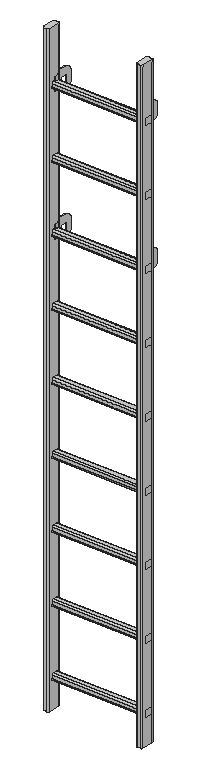
Revit family "EV_INITIAL LADDER_1857060", category Generic Models, Revit 2018
Family settings
  Can host rebar = No
  Round Connector Dimension = Use Diameter
  Part Type = Normal
  OmniClass Number = 35.51.14.00
  OmniClass Title = FORMWORK
  Work Plane-Based = Yes
  Always vertical = No
  Cut with Voids When Loaded = No
  Shared = Yes
  Room Calculation Point = No
Parameters
  VERSION = "20170217"  # constant formula
  URL = "www.ulmaconstruction.com/en"
  UNICLASS = ""
  Manufacturer = "ULMA CONSTRUCTION"  # constant formula
  ITEM_CODE = "1857060"
  FILTER [instance] = ""
  Default Elevation = 0.000 mm
  CLASSIFICATION_TITLE = ""
  CLASSIFICATION_NUMBER = ""
Reference planes
  plane 1 "Centro (Frontal/Posterior)": y = 0
  plane 2: z = 0
  plane 3 "Centro (Izquierda/Derecha)": x = 0
  plane 4 "MIDDLE": y = -31
Forms (mm)
  Extrusion 1, solid, material "ULMA ZINC"
    sketch origin (0, 0, 0) x (1, 0, 0) y (0, 1, 0)
      loop
        arc (-191, -61) -> (-186.757, -59.243) -> (-185, -55) r 6
        line (-185, -55) -> (-185, -7)
        arc (-185, -7) -> (-186.757, -2.757) -> (-191, -1) r 6
        line (-191, -1) -> (-204, -1)
        arc (-204, -1) -> (-208.243, -2.757) -> (-210, -7) r 6
        line (-210, -7) -> (-210, -55)
        arc (-210, -55) -> (-208.243, -59.243) -> (-204, -61) r 6
        line (-204, -61) -> (-191, -61)
    from -2379 to 206
  Extrusion 2, solid, material "ULMA ZINC"
    sketch origin (395, 0, 0) x (1, 0, 0) y (0, 1, 0)
      loop
        arc (-191, -61) -> (-186.757, -59.243) -> (-185, -55) r 6
        line (-185, -55) -> (-185, -7)
        arc (-185, -7) -> (-186.757, -2.757) -> (-191, -1) r 6
        line (-191, -1) -> (-204, -1)
        arc (-204, -1) -> (-208.243, -2.757) -> (-210, -7) r 6
        line (-210, -7) -> (-210, -55)
        arc (-210, -55) -> (-208.243, -59.243) -> (-204, -61) r 6
        line (-204, -61) -> (-191, -61)
    from -2379 to 206
  Extrusion 3, solid, material "ULMA ZINC", detail levels fine
    sketch origin (0, 0, 0) x (0, 1, 0) y (0, 0, 1)
      loop
        arc (-1, 30) -> (-10.82, 26.339) -> (-15.846, 17.143) r 15
        arc (-15.846, 17.143) -> (-16.684, 15.61) -> (-18.321, 15) r 2.5
        line (-18.321, 15) -> (-28.5, 15)
        arc (-28.5, 15) -> (-30.268, 14.268) -> (-31, 12.5) r 2.5
        line (-31, 12.5) -> (-31, 2.5)
        arc (-31, 2.5) -> (-30.268, 0.732) -> (-28.5, 0) r 2.5
        line (-28.5, 0) -> (-18.5, 0)
        arc (-18.5, 0) -> (-16.732, -0.732) -> (-16, -2.5) r 2.5
        line (-16, -2.5) -> (-16, -23.5)
        arc (-16, -23.5) -> (-16.732, -25.268) -> (-18.5, -26) r 2.5
        line (-18.5, -26) -> (-28.5, -26)
        arc (-28.5, -26) -> (-30.268, -26.732) -> (-31, -28.5) r 2.5
        line (-31, -28.5) -> (-31, -38.5)
        arc (-31, -38.5) -> (-30.268, -40.268) -> (-28.5, -41) r 2.5
        line (-28.5, -41) -> (-3.5, -41)
        arc (-3.5, -41) -> (-1.732, -40.268) -> (-1, -38.5) r 2.5
        line (-1, -38.5) -> (-1, -2.5)
        arc (-1, -2.5) -> (-0.268, -0.732) -> (1.5, 0) r 2.5
        line (1.5, 0) -> (28.5, 0)
        arc (28.5, 0) -> (30.268, -0.732) -> (31, -2.5) r 2.5
        line (31, -2.5) -> (31, -40)
        arc (31, -40) -> (32.464, -43.536) -> (36, -45) r 5
        arc (36, -45) -> (46.607, -40.607) -> (51, -30) r 15
        line (51, -30) -> (51, 0)
        arc (51, 0) -> (42.213, 21.213) -> (21, 30) r 30
        line (21, 30) -> (-1, 30)
    from 180 to 185
  Extrusion 4, solid, material "ULMA ZINC", detail levels fine
    sketch origin (0, 0, 0) x (0, 1, 0) y (0, 0, 1)
      loop
        arc (-1, 30) -> (-10.82, 26.339) -> (-15.846, 17.143) r 15
        arc (-15.846, 17.143) -> (-16.684, 15.61) -> (-18.321, 15) r 2.5
        line (-18.321, 15) -> (-28.5, 15)
        arc (-28.5, 15) -> (-30.268, 14.268) -> (-31, 12.5) r 2.5
        line (-31, 12.5) -> (-31, 2.5)
        arc (-31, 2.5) -> (-30.268, 0.732) -> (-28.5, 0) r 2.5
        line (-28.5, 0) -> (-18.5, 0)
        arc (-18.5, 0) -> (-16.732, -0.732) -> (-16, -2.5) r 2.5
        line (-16, -2.5) -> (-16, -23.5)
        arc (-16, -23.5) -> (-16.732, -25.268) -> (-18.5, -26) r 2.5
        line (-18.5, -26) -> (-28.5, -26)
        arc (-28.5, -26) -> (-30.268, -26.732) -> (-31, -28.5) r 2.5
        line (-31, -28.5) -> (-31, -38.5)
        arc (-31, -38.5) -> (-30.268, -40.268) -> (-28.5, -41) r 2.5
        line (-28.5, -41) -> (-3.5, -41)
        arc (-3.5, -41) -> (-1.732, -40.268) -> (-1, -38.5) r 2.5
        line (-1, -38.5) -> (-1, -2.5)
        arc (-1, -2.5) -> (-0.268, -0.732) -> (1.5, 0) r 2.5
        line (1.5, 0) -> (28.5, 0)
        arc (28.5, 0) -> (30.268, -0.732) -> (31, -2.5) r 2.5
        line (31, -2.5) -> (31, -40)
        arc (31, -40) -> (32.464, -43.536) -> (36, -45) r 5
        arc (36, -45) -> (46.607, -40.607) -> (51, -30) r 15
        line (51, -30) -> (51, 0)
        arc (51, 0) -> (42.213, 21.213) -> (21, 30) r 30
        line (21, 30) -> (-1, 30)
    from -185 to -180
  Extrusion 5, solid, material "ULMA ZINC", detail levels fine
    sketch origin (0, 0, -560) x (0, 1, 0) y (0, 0, 1)
      loop
        arc (-1, 30) -> (-10.82, 26.339) -> (-15.846, 17.143) r 15
        arc (-15.846, 17.143) -> (-16.684, 15.61) -> (-18.321, 15) r 2.5
        line (-18.321, 15) -> (-28.5, 15)
        arc (-28.5, 15) -> (-30.268, 14.268) -> (-31, 12.5) r 2.5
        line (-31, 12.5) -> (-31, 2.5)
        arc (-31, 2.5) -> (-30.268, 0.732) -> (-28.5, 0) r 2.5
        line (-28.5, 0) -> (-18.5, 0)
        arc (-18.5, 0) -> (-16.732, -0.732) -> (-16, -2.5) r 2.5
        line (-16, -2.5) -> (-16, -23.5)
        arc (-16, -23.5) -> (-16.732, -25.268) -> (-18.5, -26) r 2.5
        line (-18.5, -26) -> (-28.5, -26)
        arc (-28.5, -26) -> (-30.268, -26.732) -> (-31, -28.5) r 2.5
        line (-31, -28.5) -> (-31, -38.5)
        arc (-31, -38.5) -> (-30.268, -40.268) -> (-28.5, -41) r 2.5
        line (-28.5, -41) -> (-3.5, -41)
        arc (-3.5, -41) -> (-1.732, -40.268) -> (-1, -38.5) r 2.5
        line (-1, -38.5) -> (-1, -2.5)
        arc (-1, -2.5) -> (-0.268, -0.732) -> (1.5, 0) r 2.5
        line (1.5, 0) -> (28.5, 0)
        arc (28.5, 0) -> (30.268, -0.732) -> (31, -2.5) r 2.5
        line (31, -2.5) -> (31, -40)
        arc (31, -40) -> (32.464, -43.536) -> (36, -45) r 5
        arc (36, -45) -> (46.607, -40.607) -> (51, -30) r 15
        line (51, -30) -> (51, 0)
        arc (51, 0) -> (42.213, 21.213) -> (21, 30) r 30
        line (21, 30) -> (-1, 30)
    from -185 to -180
  Extrusion 6, solid, material "ULMA ZINC", detail levels fine
    sketch origin (0, 0, -560) x (0, 1, 0) y (0, 0, 1)
      loop
        arc (-1, 30) -> (-10.82, 26.339) -> (-15.846, 17.143) r 15
        arc (-15.846, 17.143) -> (-16.684, 15.61) -> (-18.321, 15) r 2.5
        line (-18.321, 15) -> (-28.5, 15)
        arc (-28.5, 15) -> (-30.268, 14.268) -> (-31, 12.5) r 2.5
        line (-31, 12.5) -> (-31, 2.5)
        arc (-31, 2.5) -> (-30.268, 0.732) -> (-28.5, 0) r 2.5
        line (-28.5, 0) -> (-18.5, 0)
        arc (-18.5, 0) -> (-16.732, -0.732) -> (-16, -2.5) r 2.5
        line (-16, -2.5) -> (-16, -23.5)
        arc (-16, -23.5) -> (-16.732, -25.268) -> (-18.5, -26) r 2.5
        line (-18.5, -26) -> (-28.5, -26)
        arc (-28.5, -26) -> (-30.268, -26.732) -> (-31, -28.5) r 2.5
        line (-31, -28.5) -> (-31, -38.5)
        arc (-31, -38.5) -> (-30.268, -40.268) -> (-28.5, -41) r 2.5
        line (-28.5, -41) -> (-3.5, -41)
        arc (-3.5, -41) -> (-1.732, -40.268) -> (-1, -38.5) r 2.5
        line (-1, -38.5) -> (-1, -2.5)
        arc (-1, -2.5) -> (-0.268, -0.732) -> (1.5, 0) r 2.5
        line (1.5, 0) -> (28.5, 0)
        arc (28.5, 0) -> (30.268, -0.732) -> (31, -2.5) r 2.5
        line (31, -2.5) -> (31, -40)
        arc (31, -40) -> (32.464, -43.536) -> (36, -45) r 5
        arc (36, -45) -> (46.607, -40.607) -> (51, -30) r 15
        line (51, -30) -> (51, 0)
        arc (51, 0) -> (42.213, 21.213) -> (21, 30) r 30
        line (21, 30) -> (-1, 30)
    from 180 to 185
  Extrusion 7, solid, material "ULMA ZINC"
    sketch origin (0, 0, 0) x (0, 1, 0) y (0, 0, 1)
      loop
        arc (-46, -20) -> (-44.243, -24.243) -> (-40, -26) r 6
        line (-40, -26) -> (-22, -26)
        arc (-22, -26) -> (-17.757, -24.243) -> (-16, -20) r 6
        line (-16, -20) -> (-16, -6)
        arc (-16, -6) -> (-17.757, -1.757) -> (-22, 0) r 6
        line (-22, 0) -> (-40, 0)
        arc (-40, 0) -> (-44.243, -1.757) -> (-46, -6) r 6
        line (-46, -6) -> (-46, -20)
    from -212.5 to 212.5
  Extrusion 8, solid, material "ULMA ZINC"
    sketch origin (0, 0, -280) x (0, 1, 0) y (0, 0, 1)
      loop
        arc (-46, -20) -> (-44.243, -24.243) -> (-40, -26) r 6
        line (-40, -26) -> (-22, -26)
        arc (-22, -26) -> (-17.757, -24.243) -> (-16, -20) r 6
        line (-16, -20) -> (-16, -6)
        arc (-16, -6) -> (-17.757, -1.757) -> (-22, 0) r 6
        line (-22, 0) -> (-40, 0)
        arc (-40, 0) -> (-44.243, -1.757) -> (-46, -6) r 6
        line (-46, -6) -> (-46, -20)
    from -212.5 to 212.5
  Extrusion 9, solid, material "ULMA ZINC"
    sketch origin (0, 0, -560) x (0, 1, 0) y (0, 0, 1)
      loop
        arc (-46, -20) -> (-44.243, -24.243) -> (-40, -26) r 6
        line (-40, -26) -> (-22, -26)
        arc (-22, -26) -> (-17.757, -24.243) -> (-16, -20) r 6
        line (-16, -20) -> (-16, -6)
        arc (-16, -6) -> (-17.757, -1.757) -> (-22, 0) r 6
        line (-22, 0) -> (-40, 0)
        arc (-40, 0) -> (-44.243, -1.757) -> (-46, -6) r 6
        line (-46, -6) -> (-46, -20)
    from -212.5 to 212.5
  Extrusion 10, solid, material "ULMA ZINC"
    sketch origin (0, 0, -840) x (0, 1, 0) y (0, 0, 1)
      loop
        arc (-46, -20) -> (-44.243, -24.243) -> (-40, -26) r 6
        line (-40, -26) -> (-22, -26)
        arc (-22, -26) -> (-17.757, -24.243) -> (-16, -20) r 6
        line (-16, -20) -> (-16, -6)
        arc (-16, -6) -> (-17.757, -1.757) -> (-22, 0) r 6
        line (-22, 0) -> (-40, 0)
        arc (-40, 0) -> (-44.243, -1.757) -> (-46, -6) r 6
        line (-46, -6) -> (-46, -20)
    from -212.5 to 212.5
  Extrusion 11, solid, material "ULMA ZINC"
    sketch origin (0, 0, -1120) x (0, 1, 0) y (0, 0, 1)
      loop
        arc (-46, -20) -> (-44.243, -24.243) -> (-40, -26) r 6
        line (-40, -26) -> (-22, -26)
        arc (-22, -26) -> (-17.757, -24.243) -> (-16, -20) r 6
        line (-16, -20) -> (-16, -6)
        arc (-16, -6) -> (-17.757, -1.757) -> (-22, 0) r 6
        line (-22, 0) -> (-40, 0)
        arc (-40, 0) -> (-44.243, -1.757) -> (-46, -6) r 6
        line (-46, -6) -> (-46, -20)
    from -212.5 to 212.5
  Extrusion 12, solid, material "ULMA ZINC"
    sketch origin (0, 0, -1400) x (0, 1, 0) y (0, 0, 1)
      loop
        arc (-46, -20) -> (-44.243, -24.243) -> (-40, -26) r 6
        line (-40, -26) -> (-22, -26)
        arc (-22, -26) -> (-17.757, -24.243) -> (-16, -20) r 6
        line (-16, -20) -> (-16, -6)
        arc (-16, -6) -> (-17.757, -1.757) -> (-22, 0) r 6
        line (-22, 0) -> (-40, 0)
        arc (-40, 0) -> (-44.243, -1.757) -> (-46, -6) r 6
        line (-46, -6) -> (-46, -20)
    from -212.5 to 212.5
  Extrusion 13, solid, material "ULMA ZINC"
    sketch origin (0, 0, -1680) x (0, 1, 0) y (0, 0, 1)
      loop
        arc (-46, -20) -> (-44.243, -24.243) -> (-40, -26) r 6
        line (-40, -26) -> (-22, -26)
        arc (-22, -26) -> (-17.757, -24.243) -> (-16, -20) r 6
        line (-16, -20) -> (-16, -6)
        arc (-16, -6) -> (-17.757, -1.757) -> (-22, 0) r 6
        line (-22, 0) -> (-40, 0)
        arc (-40, 0) -> (-44.243, -1.757) -> (-46, -6) r 6
        line (-46, -6) -> (-46, -20)
    from -212.5 to 212.5
  Extrusion 14, solid, material "ULMA ZINC"
    sketch origin (0, 0, -1960) x (0, 1, 0) y (0, 0, 1)
      loop
        arc (-46, -20) -> (-44.243, -24.243) -> (-40, -26) r 6
        line (-40, -26) -> (-22, -26)
        arc (-22, -26) -> (-17.757, -24.243) -> (-16, -20) r 6
        line (-16, -20) -> (-16, -6)
        arc (-16, -6) -> (-17.757, -1.757) -> (-22, 0) r 6
        line (-22, 0) -> (-40, 0)
        arc (-40, 0) -> (-44.243, -1.757) -> (-46, -6) r 6
        line (-46, -6) -> (-46, -20)
    from -212.5 to 212.5
  Extrusion 15, solid, material "ULMA ZINC"
    sketch origin (0, 0, -2240) x (0, 1, 0) y (0, 0, 1)
      loop
        arc (-46, -20) -> (-44.243, -24.243) -> (-40, -26) r 6
        line (-40, -26) -> (-22, -26)
        arc (-22, -26) -> (-17.757, -24.243) -> (-16, -20) r 6
        line (-16, -20) -> (-16, -6)
        arc (-16, -6) -> (-17.757, -1.757) -> (-22, 0) r 6
        line (-22, 0) -> (-40, 0)
        arc (-40, 0) -> (-44.243, -1.757) -> (-46, -6) r 6
        line (-46, -6) -> (-46, -20)
    from -212.5 to 212.5
Cuts and joins
  joined: Extrusion 1, Extrusion 2, Extrusion 7, Extrusion 8, Extrusion 9, Extrusion 10, Extrusion 11, Extrusion 12, Extrusion 13, Extrusion 14, Extrusion 15
Dimensions and locks
  aligned and locked: level to plane 2
